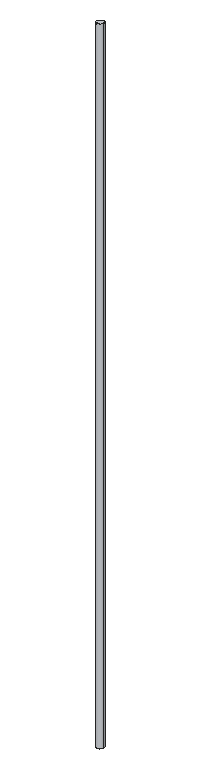
Revit family "0066752 Sylvania Lighting Fixture Skyline Street XL 17-30klm NW MR15 I 9022", category Lighting Fixtures, host Face, Revit 2016
Family settings
  Host = Face
  Part Type = Normal
  Round Connector Dimension = Use Diameter
  OmniClass Number = 23.80.70.00
  OmniClass Title = Lighting
  Cut with Voids When Loaded = No
  Light Source = Yes
  Shared = No
  Room Calculation Point = No
Parameters (values of type "0066752 SKS XL 17-30KLM NW MR15 I 9022 ")
  base height = 40 mm
  backplate diameter = 256 mm
  Weight = "n/a"
  Wattage Comments = ""
  Wattage = 9.2903 W
  WarrantyStartDate [instance] = "n/a"
  WarrantyGuarantorParts = "n/a"
  WarrantyDurationUnit = "n/a"
  WarrantyDurationParts = ""
  WarrantyDescription = "http://www.sylvania-lighting.com"
  built-in parameter 1150110 = 1 (stored number, unit not read)
  Voltage = 0 V
  URL = "0.98"
  TypeName = "Skyline Street XL 17-30klm NW MR15 I 9022"
  Type Image = <None>
  Type Comments = "n/a"
  Tube Diameter = 80 mm
  built-in parameter 1114217 = 1 (stored number, unit not read)
  Tilt Angle = 90.00°
  built-in parameter 1150109 = 1 (stored number, unit not read)
  built-in parameter 1150134 = 3
  built-in parameter 1150113 = 1 (stored number, unit not read)
  SerialNumber [instance] = "n/a"
  Photometric Web File = "0066752.ies"
  Material_3_FEILO = none
  PowerFactor = 0
  PowerConsumption = "Lighting"
  NominalLength = 415 mm
  NominalHeight = 0 mm
  NominalDepth = 0 mm
  Name = "Skyline Street XL 17-30klm NW MR15 I 9022"
  ModelReference = Name  # "Skyline Street XL 17-30klm NW MR15 I 9022"
  ModelNumber = "0066752"
  Model = Name  # "Skyline Street XL 17-30klm NW MR15 I 9022"
  Material = "Feilo Sylvania"
  ManufacturerName = "123 lm/W"
  Manufacturer = ""
  LuminousEfficacy = ""
  built-in parameter 1150105 = 109.82 (stored number, unit not read)
  Lumens = 1380 lm
  LuminaireType = "0"
  built-in parameter 1150115 = 1 (stored number, unit not read)
  LightOutputRatio = "LED"
  built-in parameter 1150137 = (empty or 0)
  built-in parameter 1150139 = (empty or 0)
  LampsType = Lamp  # "n/a"
  LampNominalLuminous = "4000 K"
  LampMacAdamStep = "70"
  LampColourTemperature = "LED"
  LampColourRenderingIndex = "16500"
  built-in parameter 1150112 = 1 (stored number, unit not read)
  built-in parameter 1150114 = 1 (stored number, unit not read)
  Lamp = "n/a"
  Keynote = "n/a"
  InstallationDate [instance] = "n/a"
  InputVoltage = "0"
  InputNominalFrequency = "4000"
  built-in parameter 1150132 = (empty or 0)
  built-in parameter 1150102 = (empty or 0)
  built-in parameter 1150107 = 3200 (stored number, unit not read)
  built-in parameter 1150138 = (empty or 0)
  IngressProtection = "IfcLightFixtureType"
  ImpactProtectionIndex = "IfcLightFixtureType"
  built-in parameter 1150106 = 1.0982 (stored number, unit not read)
  IfcExportType = "IfcLightFixtureType"
  IfcExportAs = "Class I"
  Height = 250 mm
  ExpectedLife = 50000
  Emit from Circle Diameter = 609.6 mm
  Emit Shape Visible in Rendering = no
  ElectricShockClassification = "123"
  built-in parameter 1150104 = 13.8 (stored number, unit not read)
  DurationUnit = "hours"
  DocumentationLiterature = "http://www.sylvania-lighting.com/product/en-int/products/0066752"
  DimmingControlOptions = "n/a"
  Material_2_FEILO = none
  Dimming Lamp Color Temperature Shift = <None>
  Diameter = 350 mm
  Description = "The Skyline Street family is dedicated for road lighting applications. Light distribution: MR15 - Medium Road, color temperature: 4000K , total system power: 244W, total fixture output: 30042lm, luminaire efficacy: 123lm/W, LOR: 100%, colour rendering index: 70, LED Chromaticity: 5 step MacAdam ellipse tolerance, lifetime: 100000 hours at L90B50 @ 50°C, energy class: A++, A+, A, operating voltage: 220-240V / 50-60Hz, electronic driver, Without Controls, power factor: min. 0.9, electrical protection: Class I, Ingress protection rating: IP66, Impact resistance: IK08, dimensions: 915 x 415 x 140mm, weight: 15 kg, for 42-60mm side entry or post top installation with +/-15° adjustability, the housing is made of Die Cast Aluminium in RAL9022 color combined with tempered flat glass cover."
  Default Elevation = 1219.2 mm
  CreatedOn = "02/12/2019"
  CreatedBy = "@sylvania-lighting.com"
  Cost = 0
  Color Filter = 16777215
  built-in parameter 1114216 [instance] = (empty or 0)
  ClassificationValue = "EF_70_80"
  ClassificationName = "Uniclass2015"
  Material_1_FEILO = none
  BarCode [instance] = "n/a"
  built-in parameter 1114218 = 1 (stored number, unit not read)
  built-in parameter 1150133 = 10 (stored number, unit not read)
  AssetType = "Fixed"
  AssetIdentifier [instance] = "n/a"
  Assembly Code = "D5020200"
  Apparent Load = 244 VA
  Material_4_FEILO = none
Reference planes
  plane 1 "Center (Front/Back)": y = 0
  plane 2: z = 0
  plane 3 "Center (Left/Right)": x = 0
  plane 4: z = 0
  plane 5: y = 128
  plane 6: y = -128
  plane 7: y = 175
  plane 8: y = -175
  plane 9: z = 40
Forms (mm)
  Extrusion 1, solid, detail levels coarse
    sketch origin (43.618, 0, 5999.295) x (1, 0, 0) y (0, 0, 1)
      loop
        line (-755, 240.919) -> (-755, 0.868) -> (39.922, 0.868) -> (39.922, 240.919) -> (-755, 240.919)
    from -207.534 to 207.466
  Extrusion 2, solid
    sketch origin (4.2, 0, 0) x (1, 0, 0) y (0, 1, 0)
      loop
        circle (-4.2, 0) r 30
    from 0 to 6000
Dimensions and locks
  "backplate diameter": plane 5 to plane 6
  equal spacing: plane 5, plane 1 "Center (Front/Back)", plane 6
  "Diameter": plane 7 to plane 8
  equal spacing: plane 7, plane 1 "Center (Front/Back)", plane 8
  "base height": plane 9 to level
  aligned and locked: plane 2 to host face
  aligned and locked: level to host face
Automatic sketch dimensions
  host sketch curve to host sketch curve = 2438.4 mm  (x2)
  level to Extrusion 1 sketch curve = 6000.163 mm
  Extrusion 1 sketch curve to plane 3 "Center (Left/Right)" = 711.382 mm
  plane 3 "Center (Left/Right)" to Extrusion 1 sketch curve = 83.54 mm
  plane 9 to Extrusion 1 sketch curve = 6200.213 mm
  plane 1 "Center (Front/Back)" to Extrusion 2 sketch curve = 0 mm
  Extrusion 2 sketch curve to plane 3 "Center (Left/Right)" = 0 mm
  radius of Extrusion 2 sketch curve = 30 mm
Connectors
  electrical at (0, 0, 0), driven by "Apparent Load", driven by "PowerFactor", driven by "Voltage"
    settings: index 1, voltage 0 V, apparent load 244 VA, apparent load phase1 0 VA, apparent load phase2 0 VA, apparent load phase3 0 VA, power factor 0, load classification "Lighting", number of poles 1, system type 30, power factor state 1, is connector primary yes, connector utility no, sub classification motor no, connector description ""
